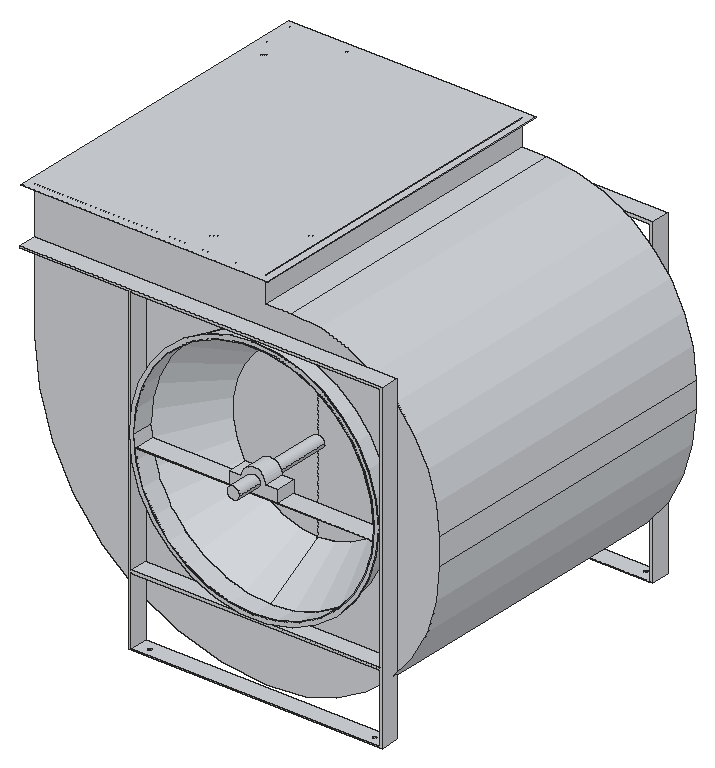
Revit family "CAF_DWDI_CW_UBD", category Mechanical Equipment, Revit 2019
Family settings
  Round Connector Dimension = Use Radius
  Part Type = Normal
  Work Plane-Based = No
  Always vertical = Yes
  Cut with Voids When Loaded = No
  Shared = No
  Room Calculation Point = No
Parameters (values of type "730_CAF-DWDI_CW_UBD_CLASS_2")
  V+(D-(A+.25"))/2 = V + ((D - (A + 1/4")) / 2)  # 6 1/16"
  V = 3 7/16"
  Unit Weight [instance] = ""
  U-N = U - N  # 5/8"
  U = 9 5/8"
  T/2 = T / 2  # 55 13/16"
  T = 111 5/8"
  Sones [instance] = ""
  SCROLL2 = 41 25/32"
  S/2 = S / 2  # 37"
  S = 74"
  R/2 = R / 2  # 41 25/32"
  R = 83 9/16"
  P = 126 3/4"
  N = 9"
  Motor RPM [instance] = ""
  Motor Enclosure [instance] = ""
  ModelID [instance] = ""
  M = 117 1/8"
  LwA [instance] = ""
  L = 58 9/16"
  K/2 = K / 2  # 17/32"
  K = 1 1/16"
  J = 55 7/8"
  INLET/4 = INLET / 4  # 19 3/4"
  INLET/2 = INLET / 2  # 39 1/2"
  INLET = 79"
  H-J = H - J  # 80"
  H-((D-A-.25")/2) = H - ((D - A - 1/4") / 2)  # 133 1/4"
  H = 135 7/8"
  G-(R/2) = G - (R / 2)  # 22 23/32"
  G-(INLET/2)-1.625" = G - (INLET / 2) - 1 1/2"  # 23 1/2"
  G+(INLET/2)+1.625" = G + (INLET / 2) + 1 1/2"  # 105 1/2"
  G = 64 1/2"
  Fan RPM [instance] = ""
  F-((D-A-.25")/2) = F - ((D - A - 1/4") / 2)  # 119 3/16"
  F = 121 13/16"
  E/2 = E / 2  # 55 1/16"
  E = 110 1/8"
  D/2 = D / 2  # 40 21/32"
  D = 81 5/16"
  C/2 = C / 2  # 1 31/32"
  C+C = C + C  # 7 7/8"
  C = 3 15/16"
  BOTTOM = F - G  # 57 5/16"
  B/2 = B / 2  # 52 3/8"
  B+.25" = B + 1/4"  # 105"
  B = 104 3/4"
  Accessories [instance] = ""
  A/2 = A / 2  # 37 29/32"
  A+.25" = A + 1/4"  # 76 1/16"
  A = 75 13/16"
  60 = 60.00°  # constant formula
  3" = 3"  # constant formula
  Brake Hp [instance] = ""
  D/7 = D / 9.5  # 8.55921"
  2' = 24"
  2" = 2"  # constant formula
  1" = 1"  # constant formula
  0 = 0"  # constant formula
  Voltage [instance] = 0 V
  URL = "www.lorencook.com"
  Type Comments = "Centrifugal Airfoil Blower Clockwise Up Blast Arrangement 3 Low Profile Class 2"
  Static Pressure [instance] = 0.00 in-wg
  Power [instance] = Voltage * Motor FLA * sqrt(if(Phase = 3, 3, 1))  # 0 VA
  Phase [instance] = 0
  Number of Poles [instance] = 1
  Motor Hp [instance] = "0"
  Motor FLA [instance] = 0 A
  Model = "CAF-DWDI"  # constant formula
  Manufacturer = "Loren Cook Company"
  CFM [instance] = 0 CFM
  1.5 = 1 1/2"  # constant formula
  ONE EIGTH = 1/8"  # constant formula
  -P = -P  # -126 3/4"
  -(B+.25")/2 = -(B + 1/4") / 2  # -52 1/2"
  (M-(B+.25")/2 = (M - (B + 1/4")) / 2  # 6 1/16"
  (INLET/2)-.125" = (INLET / 2) - 1/8"  # 39 3/8"
  (INLET/2)+1.625" = (INLET / 2) + 1 1/2"  # 41"
  (INLET/2)+1.5" = (INLET / 2) + 1 7/16"  # 40 15/16"
  (D-(A+.25"))/2 = (D - (A + 1/4")) / 2  # 2 5/8"
  (B+.25")/2 = (B + 1/4") / 2  # 52 1/2"
  (A+.25")/2 = (A + 1/4") / 2  # 38 1/32"
  ((M+U+U+N+N)-((B+.25")/2))/2 = ((M + U + U - N - N) - ((B + 1/4"))) / 2  # 6 11/16"
Reference planes (in)
  plane 1 "Center (Front/Back)": y = 0
  plane 2: z = 0
  plane 3 "Center (Left/Right)": x = 0.40541
Forms (in)
  Extrusion 1, solid
    sketch origin (0, 0, 0) x (1, 0, 0) y (0, 0, 1)
      loop
        line (-76.96959, 1) -> (56.28041, 1) -> (56.28041, 113.25329) -> (-0.90709, 113.25329) -> (-0.90709, 121.8125) -> (-76.96959, 121.8125) -> (-76.96959, 1)
    from -52.5 <- "-(B+.25")/2" to 52.5 <- "(B+.25")/2"
  Revolve 2, void
    sketch origin (0.40541, 0, 0) x (0, 1, 0) y (0, 0, 1)
      loop
        line (52.5, 64.5) -> (32.75, 64.5) -> (32.75, 36.40267) -> (52.5, 25) -> (52.5, 64.5)
      loop
        line (-32.75, 64.5) -> (-52.5, 64.5) -> (-52.5, 25) -> (-32.75, 36.40267) -> (-32.75, 64.5)
      axis (52.5, 64.5) -> (-52.5, 64.5)
    angle from 0 to 360
  Extrusion 3, solid
    sketch origin (0, -52.5, 0) x (1, 0, 0) y (0, 0, 1)
      loop
        circle (0.40541, 64.5) r 39.375
      loop
        circle (0.40541, 64.5) r 39.5
    from 0 <- "0" to 6.6875 <- "((M+U+U+N+N)-((B+.25")/2))/2"
  Extrusion 4, solid
    sketch origin (0, 52.5, 0) x (-1, 0, 0) y (0, 0, 1)
      loop
        circle (-0.40541, 64.5) r 39.375
      loop
        circle (-0.40541, 64.5) r 39.5
    from 0 to 6.6875 <- "((M+U+U+N+N)-((B+.25")/2))/2"
  Extrusion 5, solid
    sketch origin (0, 52.5, 0) x (-1, 0, 0) y (0, 0, 1)
      loop
        line (-42.18666, 0) -> (41.37584, 0) -> (41.37584, 105.5) -> (76.96959, 105.5) -> (76.96959, 106.28125) -> (-42.18666, 106.28125) -> (-42.18666, 0)
      loop
        line (40.59459, 105.5) -> (-41.40541, 105.5) -> (-41.40541, 23.5) -> (40.59459, 23.5) -> (40.59459, 105.5)
      loop
        line (-41.40541, 22.71875) -> (-41.40541, 0.125) -> (40.59459, 0.125) -> (40.59459, 22.71875) -> (-41.40541, 22.71875)
    from 0 to 6.0625 <- "(M-(B+.25")/2"
  Extrusion 6, solid
    sketch origin (0, -52.5, 0) x (1, 0, 0) y (0, 0, 1)
      loop
        line (-76.96959, 106.28125) -> (-76.96959, 105.5) -> (-41.37584, 105.5) -> (-41.37584, 0) -> (42.18666, 0) -> (42.18666, 106.28125) -> (-76.96959, 106.28125)
      loop
        line (41.40541, 0.125) -> (41.40541, 22.71875) -> (-40.59459, 22.71875) -> (-40.59459, 0.125) -> (41.40541, 0.125)
      loop
        line (-40.59459, 23.5) -> (41.40541, 23.5) -> (41.40541, 105.5) -> (-40.59459, 105.5) -> (-40.59459, 23.5)
    from 0 to 6.0625 <- "(M-(B+.25")/2"
  Extrusion 7, solid
    sketch origin (0, -52.5, 0) x (1, 0, 0) y (0, 0, 1)
      loop
        arc (-38.77222, 60.5625) -> (-38.76589, 60.49999) -> (-38.75945, 60.4375) r 39.375
        line (-38.75945, 60.4375) -> (39.57028, 60.4375)
        arc (39.57028, 60.4375) -> (39.57671, 60.49999) -> (39.58304, 60.5625) r 39.375
        line (39.58304, 60.5625) -> (-38.77222, 60.5625)
    from 0 to 6.6875 <- "((M+U+U+N+N)-((B+.25")/2))/2"
  Extrusion 8, solid
    sketch origin (0, 52.5, 0) x (-1, 0, 0) y (0, 0, 1)
      loop
        arc (-39.58304, 60.5625) -> (-39.57671, 60.49999) -> (-39.57028, 60.4375) r 39.375
        line (-39.57028, 60.4375) -> (38.75945, 60.4375)
        arc (38.75945, 60.4375) -> (38.76589, 60.49999) -> (38.77222, 60.5625) r 39.375
        line (38.77222, 60.5625) -> (-39.58304, 60.5625)
    from 0 to 6.6875 <- "((M+U+U+N+N)-((B+.25")/2))/2"
  Extrusion 9, solid
    sketch origin (0, -52.5, 0) x (1, 0, 0) y (0, 0, 1)
      loop
        arc (4.34291, 64.5) -> (0.40541, 68.4375) -> (-3.53209, 64.5) r 3.9375
        line (-3.53209, 64.5) -> (-7.46959, 64.5) -> (-7.46959, 60.5625) -> (8.28041, 60.5625) -> (8.28041, 64.5) -> (4.34291, 64.5)
    from 0 to 6.6875 <- "((M+U+U+N+N)-((B+.25")/2))/2"
  Extrusion 10, solid
    sketch origin (0, 52.5, 0) x (-1, 0, 0) y (0, 0, 1)
      loop
        arc (3.53209, 64.5) -> (-0.40541, 68.4375) -> (-4.34291, 64.5) r 3.9375
        line (-4.34291, 64.5) -> (-8.28041, 64.5) -> (-8.28041, 60.5625) -> (7.46959, 60.5625) -> (7.46959, 64.5) -> (3.53209, 64.5)
    from 0 to 6.6875 <- "((M+U+U+N+N)-((B+.25")/2))/2"
  Extrusion 11, solid
    sketch origin (0, 59.1875, 0) x (-1, 0, 0) y (0, 0, 1)
      loop
        circle (-0.40541, 64.5) r 1.96875
    from 0 to -126.75 <- "-P"
  Extrusion 12, solid
    sketch origin (0, 59.1875, 0) x (-1, 0, 0) y (0, 0, 1)
      loop
        circle (-0.40541, 64.5) r 39.5
      loop
        circle (-0.40541, 64.5) r 40.9375
    from 0 to -0.125
  Extrusion 13, solid
    sketch origin (0, -59.1875, 0) x (1, 0, 0) y (0, 0, 1)
      loop
        circle (0.40541, 64.5) r 39.5
      loop
        circle (0.40541, 64.5) r 40.9375
    from 0 to -0.125
  Extrusion 14, void
    sketch origin (0, 0, 0) x (1, 0, 0) y (0, 1, 0)
      loop
        circle (37.40541, 55.8125) r 0.53125
      loop
        circle (-36.59459, 55.8125) r 0.53125
      loop
        circle (-36.59459, -55.8125) r 0.53125
      loop
        circle (37.40541, -55.8125) r 0.53125
    from 0 to 0.125
  Extrusion 15, void
    sketch origin (0, 0, 0) x (1, 0, 0) y (0, 0, 1)
      loop
        line (-76.96959, 64.5) -> (-79.96959, 64.5) -> (-79.96959, 0) -> (59.28041, 0) -> (59.28041, 116.25329) -> (-0.90709, 116.25329) -> (-0.90709, 113.25329) -> (7.52712, 113.25329)
        arc (7.52712, 113.25329) -> (42.0009, 98.97378) -> (56.28041, 64.5) r 48.75329
        line (56.28041, 64.5) -> (56.28041, 55.875)
        arc (56.28041, 55.875) -> (40.2079, 17.07252) -> (1.40541, 1) r 54.875
        line (1.40541, 1) -> (-0.59459, 1)
        arc (-0.59459, 1) -> (-54.59987, 23.36972) -> (-76.96959, 77.375) r 76.375
        line (-76.96959, 77.375) -> (-76.96959, 64.5)
    from 52.5 <- "(B+.25")/2" to -52.5 <- "-(B+.25")/2"
  Extrusion 16, solid
    sketch origin (-0.90709, 0, 121.8125) x (-1, 0, 0) y (0, -1, 0)
      loop
        line (78.6875, -55.0625) -> (78.6875, 55.0625) -> (-2.625, 55.0625) -> (-2.625, -55.0625) -> (78.6875, -55.0625)
    from 0 to -0.125
Cuts and joins
  Revolve 2, Extrusion 15 cuts Extrusion 1
  Extrusion 14, Extrusion 15 cuts Extrusion 5
  Extrusion 14, Extrusion 15 cuts Extrusion 6
  Extrusion 15 cuts Extrusion 3
  Extrusion 15 cuts Extrusion 4
  Extrusion 15 cuts Extrusion 7
  Extrusion 15 cuts Extrusion 8
  Extrusion 15 cuts Extrusion 9
  Extrusion 15 cuts Extrusion 10
  Extrusion 15 cuts Extrusion 11
Dimensions and locks (in)
  "F": Extrusion 1 sketch curve to level
  "0": Revolve 2 sketch curve to cut or joined group of Extrusion 1, Revolve 2, Extrusion 15  (x2)
  "INLET/4": cut or joined group of Extrusion 1, Revolve 2, Extrusion 15 to Revolve 2 sketch curve
  "G": level to Revolve 2 sketch curve  (x2)
  "INLET/2": Revolve 2 sketch curve to Revolve 2 sketch curve  (x2)
  "G": Revolve 2 sketch curve to level
  "INLET/4": Revolve 2 sketch curve to Revolve 2 sketch curve
  "0": Extrusion 3 sketch curve to plane 3 "Center (Left/Right)"  (x2)
  "G": Extrusion 3 sketch curve to level  (x2)
  "G": level to Extrusion 4 sketch curve  (x2)
  "0": Extrusion 4 sketch curve to plane 3 "Center (Left/Right)"  (x2)
  "R/2": Extrusion 5 sketch curve to plane 3 "Center (Left/Right)"
  "R/2": plane 3 "Center (Left/Right)" to Extrusion 5 sketch curve
  "R": Extrusion 5 sketch curve to Extrusion 5 sketch curve
  "G-(R/2)": level to Extrusion 5 sketch curve
  "ONE EIGTH": Extrusion 5 sketch curve to Extrusion 5 sketch curve
  "0": Extrusion 6 sketch curve to Extrusion 5  (x3)
  "0": Extrusion 5 to Extrusion 6 sketch curve  (x3)
  "0": Extrusion 7 sketch curve to plane 3 "Center (Left/Right)"  (x2)
  "G": Extrusion 7 sketch curve to level  (x2)
  "C": Extrusion 7 sketch curve to Extrusion 7 sketch curve
  "ONE EIGTH": Extrusion 7 sketch curve to Extrusion 7 sketch curve
  "0": Extrusion 8 sketch curve to plane 3 "Center (Left/Right)"  (x2)
  "G": level to Extrusion 8 sketch curve  (x2)
  "C": Extrusion 8 sketch curve to Extrusion 8 sketch curve
  "ONE EIGTH": Extrusion 8 sketch curve to Extrusion 8 sketch curve
  "0": Extrusion 9 sketch curve to Extrusion 7
  "G": Extrusion 9 sketch curve to level
  "0": Extrusion 9 sketch curve to Extrusion 9 sketch curve  (x2)
  "C+C": Extrusion 9 sketch curve to plane 3 "Center (Left/Right)"  (x2)
  "0": Extrusion 8 to Extrusion 10 sketch curve
  "0": Extrusion 10 sketch curve to Extrusion 10 sketch curve  (x2)
  "0": Extrusion 10 sketch curve to plane 3 "Center (Left/Right)"
  "G": level to Extrusion 10 sketch curve
  "C+C": Extrusion 10 sketch curve to plane 3 "Center (Left/Right)"
  "C+C": plane 3 "Center (Left/Right)" to Extrusion 10 sketch curve
  "0": Extrusion 11 sketch curve to plane 3 "Center (Left/Right)"
  "G": level to Extrusion 11 sketch curve
  "0": level to Extrusion 5 sketch curve
  "0": plane 3 "Center (Left/Right)" to Extrusion 9 sketch curve
  "(INLET/2)+1.625"": plane 3 "Center (Left/Right)" to Extrusion 6 sketch curve  (x2)
  "(INLET/2)+1.625"": Extrusion 6 sketch curve to plane 3 "Center (Left/Right)"  (x2)
  "G+(INLET/2)+1.625"": Extrusion 6 sketch curve to level  (x2)
  "G-(INLET/2)-1.625"": Extrusion 6 sketch curve to level
  "(INLET/2)+1.625"": Extrusion 5 sketch curve to plane 3 "Center (Left/Right)"  (x2)
  "(INLET/2)+1.625"": plane 3 "Center (Left/Right)" to Extrusion 5 sketch curve  (x2)
  "G-(INLET/2)-1.625"": level to Extrusion 5 sketch curve
  "G+(INLET/2)+1.625"": level to Extrusion 5 sketch curve  (x2)
  "0": Extrusion 12 sketch curve to plane 3 "Center (Left/Right)"  (x2)
  "G": level to Extrusion 12 sketch curve  (x2)
  "0": Extrusion 13 sketch curve to plane 3 "Center (Left/Right)"  (x2)
  "G": Extrusion 13 sketch curve to level  (x2)
  "1"": Extrusion 1 sketch curve to level
  "T/2": plane 1 "Center (Front/Back)" to Extrusion 14 sketch curve  (x4)
  "S/2": plane 3 "Center (Left/Right)" to Extrusion 14 sketch curve  (x4)
  "H-((D-A-.25")/2)": Extrusion 1 sketch curve to Extrusion 1 sketch curve
  "J": Extrusion 1 sketch curve to plane 3 "Center (Left/Right)"
  "A+.25"": Extrusion 1 sketch curve to Extrusion 1 sketch curve
  "D/7": Extrusion 1 sketch curve to Extrusion 1 sketch curve
  "3"": Extrusion 15 sketch curve to cut or joined group of Extrusion 1, Revolve 2, Extrusion 15  (x3)
  "0": Extrusion 15 sketch curve to level
  "BOTTOM": cut or joined group of Extrusion 1, Revolve 2, Extrusion 15 to Extrusion 15 sketch curve
  "0": cut or joined group of Extrusion 1, Revolve 2, Extrusion 15 to Extrusion 15 sketch curve  (x2)
  "0": Extrusion 15 sketch curve to cut or joined group of Extrusion 1, Revolve 2, Extrusion 15  (x4)
  "0": cut or joined group of Extrusion 1, Revolve 2, Extrusion 15 to Extrusion 5 sketch curve
  "0": Extrusion 6 sketch curve to cut or joined group of Extrusion 1, Revolve 2, Extrusion 15
  "E/2": plane 1 "Center (Front/Back)" to Extrusion 16 sketch curve  (x2)
  "D": Extrusion 16 sketch curve to Extrusion 16 sketch curve
  "1"": Extrusion 15 sketch curve to plane 3 "Center (Left/Right)"
  "1"": plane 3 "Center (Left/Right)" to Extrusion 15 sketch curve
  "BOTTOM": Extrusion 16 to Extrusion 15 sketch curve
  "(D-(A+.25"))/2": Extrusion 16 sketch curve to cut or joined group of Extrusion 1, Revolve 2, Extrusion 15
  "INLET/2": radius of Extrusion 3 sketch curve
  "(INLET/2)-.125"": radius of Extrusion 3 sketch curve
  "INLET/2": radius of Extrusion 4 sketch curve
  "(INLET/2)-.125"": radius of Extrusion 4 sketch curve
  "(INLET/2)-.125"": radius of Extrusion 7 sketch curve  (x2)
  "(INLET/2)-.125"": radius of Extrusion 8 sketch curve  (x2)
  "C": radius of Extrusion 9 sketch curve
  "C": radius of Extrusion 10 sketch curve
  "C/2": radius of Extrusion 11 sketch curve
  "(INLET/2)+1.5"": radius of Extrusion 12 sketch curve
  "INLET/2": radius of Extrusion 12 sketch curve
  "(INLET/2)+1.5"": radius of Extrusion 13 sketch curve
  "INLET/2": radius of Extrusion 13 sketch curve
  "K/2": radius of Extrusion 14 sketch curve  (x4)
  "60": angle Revolve 2 sketch curve to cut or joined group of Extrusion 1, Revolve 2, Extrusion 15
  "60": angle cut or joined group of Extrusion 1, Revolve 2, Extrusion 15 to Revolve 2 sketch curve
Automatic sketch dimensions
  Revolve 2 sketch curve to Revolve 2 sketch curve = 0"  (x2)
Connectors (in)
  hvac at (0.40541, -59.0625, 64.5), driven by "INLET/2"
    settings: on Extrusion 13, index 2, duct flow 0 CFM, flow factor 0, pres drop 0.00 in-wg, loss coef 0, conn angle 0.00°, conn width 12", conn height 12", conn diameter 79", duct sys type 29, conn prof type 0, flow config 0, flow direction 1, loss method 0, conn ref index -1, conn util no, is conn primary no, conn desc ""
  hvac at (0.40541, 59.1875, 64.5), driven by "INLET/2"
    settings: on Extrusion 4, index 3, duct flow 0 CFM, flow factor 0, pres drop 0.00 in-wg, loss coef 0, conn angle 0.00°, conn width 12", conn height 12", conn diameter 79", duct sys type 29, conn prof type 0, flow config 0, flow direction 1, loss method 0, conn ref index -1, conn util no, is conn primary no, conn desc ""
  hvac at (-38.93834, 0, 121.6875), driven by "B", driven by "A", driven by "CFM"
    settings: on Extrusion 16, index 4, duct flow 0 CFM, flow factor 0, pres drop 0.00 in-wg, loss coef 0, conn angle 0.00°, conn width 75 13/16", conn height 104 3/4", conn diameter 24", duct sys type 29, conn prof type 1, flow config 0, flow direction 2, loss method 0, conn ref index -1, conn util no, is conn primary yes, conn desc ""
Types (59): name | V+(D-(A+.25"))/2 | V | U-N | U | T/2 | T | SCROLL2 | S/2 | S | R/2 | R | P | N | M | L | K/2 | K | J | INLET/4 | INLET/2 | INLET | H-J | H-((D-A-.25")/2) | H | G-(R/2) | G-(INLET/2)-1.625" | G+(INLET/2)+1.625" | G | F-((D-A-.25")/2) | F | E/2 | E | D/2 | D | C/2 | C+C | C | BOTTOM | B/2 | B+.25" | B | A/2 | A+.25" | A | D/7 | Type Comments | -P | -(B+.25")/2 | (M-(B+.25")/2 | (INLET/2)-.125" | (INLET/2)+1.625" | (INLET/2)+1.5" | (D-(A+.25"))/2 | (B+.25")/2 | (A+.25")/2 | ((M+U+U+N+N)-((B+.25")/2))/2
  (no name) | 6 1/16" | 3 7/16" | 5/8" | 9 5/8" | 55 13/16" | 111 5/8" | 41 25/32" | 37" | 74" | 41 25/32" | 83 9/16" | 126 3/4" | 9" | 117 1/8" | 58 9/16" | 17/32" | 1 1/16" | 55 7/8" | 19 3/4" | 39 1/2" | 79" | 80" | 133 1/4" | 135 7/8" | 22 23/32" | 23 1/2" | 105 1/2" | 64 1/2" | 119 3/16" | 121 13/16" | 55 1/16" | 110 1/8" | 40 21/32" | 81 5/16" | 1 31/32" | 7 7/8" | 3 15/16" | 57 5/16" | 52 3/8" | 105" | 104 3/4" | 37 29/32" | 76 1/16" | 75 13/16" | 8.55921" | "Centrifugal Airfoil Blower Clockwise Up Blast Arrangement 3 Low Profile Class 2" | -126 3/4" | -52 1/2" | 6 1/16" | 39 3/8" | 41" | 40 15/16" | 2 5/8" | 52 1/2" | 38 1/32" | 6 11/16"
  120_CAF-DWDI_CW_UBD_CLASS_1 | 1 15/16" | 1" | 1 9/16" | 4 5/16" | 9 23/32" | 19 7/16" | 9" | 7 7/16" | 14 7/8" | 9 5/8" | 19 1/4" | 26 11/16" | 2 3/4" | 20 13/16" | 10 7/16" | 9/32" | 9/16" | 9 1/4" | 4 1/32" | 8 1/16" | 16 1/8" | 13 13/16" | 22 1/8" | 23 1/16" | 1 13/16" | 1 7/8" | 21" | 11 7/16" | 20 1/8" | 21 1/16" | 9 29/32" | 19 13/16" | 7 1/8" | 14 1/4" | 23/32" | 2 7/8" | 1 7/16" | 9 5/8" | 8 27/32" | 17 15/16" | 17 11/16" | 6 1/16" | 12 3/8" | 12 1/8" | 1 1/2" | "Centrifugal Airfoil Blower Clockwise Up Blast Arrangement 3 Low Profile Class 1" | -26 11/16" | -8 31/32" | 1 7/16" | 7 15/16" | 9 9/16" | 9 1/2" | 15/16" | 8 31/32" | 6 3/16" | 3"
  135_CAF-DWDI_CW_UBD_CLASS_1 | 1 15/16" | 1" | 1 9/16" | 4 5/16" | 10 7/8" | 21 3/4" | 10 1/2" | 8 5/16" | 16 5/8" | 10 1/2" | 21" | 28 15/16" | 2 3/4" | 23 1/16" | 11 9/16" | 9/32" | 9/16" | 10 3/8" | 4 13/32" | 8 13/16" | 17 5/8" | 15 3/8" | 24 13/16" | 25 3/4" | 2 1/4" | 2 7/16" | 23 1/16" | 12 3/4" | 22 5/8" | 23 9/16" | 11 1/32" | 22 1/16" | 7 7/8" | 15 3/4" | 23/32" | 2 7/8" | 1 7/16" | 10 13/16" | 9 31/32" | 20 3/16" | 19 15/16" | 6 13/16" | 13 7/8" | 13 5/8" | 1.65789" | "Centrifugal Airfoil Blower Clockwise Up Blast Arrangement 3 Low Profile Class 1" | -28 15/16" | -10 3/32" | 1 7/16" | 8 11/16" | 10 5/16" | 10 1/4" | 15/16" | 10 3/32" | 6 15/16" | 3"
  150_CAF-DWDI_CW_UBD_CLASS_1 | 1 15/16" | 1" | 1 1/16" | 4 7/16" | 12 3/16" | 24 3/8" | 11 1/4" | 8 7/8" | 17 3/4" | 11 1/4" | 22 1/2" | 31 5/8" | 3 3/8" | 26 1/8" | 13 1/16" | 9/32" | 9/16" | 11 1/2" | 4 25/32" | 9 9/16" | 19 1/8" | 16 15/16" | 27 1/2" | 28 7/16" | 2 13/16" | 3" | 25 1/8" | 14 1/16" | 25 1/8" | 26 1/16" | 12 1/16" | 24 1/8" | 8 11/16" | 17 3/8" | 23/32" | 2 7/8" | 1 7/16" | 12" | 11" | 22 1/4" | 22" | 7 5/8" | 15 1/2" | 15 1/4" | 1.82895" | "Centrifugal Airfoil Blower Clockwise Up Blast Arrangement 3 Low Profile Class 1" | -31 5/8" | -11 1/8" | 1 15/16" | 9 7/16" | 11 1/16" | 11" | 15/16" | 11 1/8" | 7 3/4" | 3"
  165_CAF-DWDI_CW_UBD_CLASS_1 | 1 15/16" | 1" | 1 1/16" | 4 7/16" | 13 3/16" | 26 3/8" | 12 1/8" | 9 3/4" | 19 1/2" | 12 1/8" | 24 1/4" | 33 11/16" | 3 3/8" | 28 1/8" | 14 1/16" | 15/32" | 15/16" | 12 11/16" | 5 19/64" | 10 19/32" | 21 3/16" | 18 1/2" | 30 1/4" | 31 3/16" | 3 1/4" | 3 9/32" | 27 15/32" | 15 3/8" | 27 9/16" | 28 1/2" | 13 1/16" | 26 1/8" | 9 17/32" | 19 1/16" | 27/32" | 3 3/8" | 1 11/16" | 13 1/8" | 12" | 24 1/4" | 24" | 8 15/32" | 17 3/16" | 16 15/16" | 2.00658" | "Centrifugal Airfoil Blower Clockwise Up Blast Arrangement 3 Low Profile Class 1" | -33 11/16" | -12 1/8" | 1 15/16" | 10 15/32" | 12 3/32" | 12 1/32" | 15/16" | 12 1/8" | 8 19/32" | 3"
  180_CAF-DWDI_CW_UBD_CLASS_1 | 1 15/16" | 1" | 1 1/16" | 4 13/16" | 14 7/32" | 28 7/16" | 13 3/8" | 10 1/2" | 21" | 13 3/8" | 26 3/4" | 36 1/8" | 3 3/4" | 30 3/16" | 15 1/8" | 15/32" | 15/16" | 13 13/16" | 5 43/64" | 11 11/32" | 22 11/16" | 20 3/16" | 33 1/16" | 34" | 3 5/16" | 3 27/32" | 29 17/32" | 16 11/16" | 30 1/16" | 31" | 14 3/32" | 28 3/16" | 10 5/16" | 20 5/8" | 27/32" | 3 3/8" | 1 11/16" | 14 5/16" | 13 1/32" | 26 5/16" | 26 1/16" | 9 1/4" | 18 3/4" | 18 1/2" | 2.17105" | "Centrifugal Airfoil Blower Clockwise Up Blast Arrangement 3 Low Profile Class 1" | -36 1/8" | -13 5/32" | 1 15/16" | 11 7/32" | 12 27/32" | 12 25/32" | 15/16" | 13 5/32" | 9 3/8" | 3"
  195_CAF-DWDI_CW_UBD_CLASS_1 | 1 31/32" | 1" | 1 1/16" | 4 13/16" | 15 13/32" | 30 13/16" | 14 1/4" | 11 3/8" | 22 3/4" | 14 1/4" | 28 1/2" | 38 1/2" | 3 3/4" | 32 9/16" | 16 5/16" | 15/32" | 15/16" | 14 15/16" | 6 3/64" | 12 3/32" | 24 3/16" | 21 3/4" | 35 23/32" | 36 11/16" | 3 11/16" | 4 11/32" | 31 17/32" | 17 15/16" | 32 15/32" | 33 7/16" | 15 5/16" | 30 5/8" | 10 27/32" | 21 11/16" | 27/32" | 3 3/8" | 1 11/16" | 15 1/2" | 14 7/32" | 28 11/16" | 28 7/16" | 9 3/4" | 19 3/4" | 19 1/2" | 2.28289" | "Centrifugal Airfoil Blower Clockwise Up Blast Arrangement 3 Low Profile Class 1" | -38 1/2" | -14 11/32" | 1 15/16" | 11 31/32" | 13 19/32" | 13 17/32" | 31/32" | 14 11/32" | 9 7/8" | 3"
  210_CAF-DWDI_CW_UBD_CLASS_1 | 1 31/32" | 1" | 2 1/16" | 5 13/16" | 16 3/8" | 32 3/4" | 15" | 12 1/8" | 24 1/4" | 15" | 30" | 41 7/16" | 3 3/4" | 34 1/2" | 17 1/4" | 15/32" | 15/16" | 16 1/8" | 6 31/64" | 12 31/32" | 25 15/16" | 23 5/16" | 38 15/32" | 39 7/16" | 4 1/4" | 4 25/32" | 33 23/32" | 19 1/4" | 34 31/32" | 35 15/16" | 16 9/32" | 32 9/16" | 11 29/32" | 23 13/16" | 27/32" | 3 3/8" | 1 11/16" | 16 11/16" | 15 3/16" | 30 5/8" | 30 3/8" | 10 13/16" | 21 7/8" | 21 5/8" | 2.50658" | "Centrifugal Airfoil Blower Clockwise Up Blast Arrangement 3 Low Profile Class 1" | -41 7/16" | -15 5/16" | 1 15/16" | 12 27/32" | 14 15/32" | 14 13/32" | 31/32" | 15 5/16" | 10 15/16" | 4"
  225_CAF-DWDI_CW_UBD_CLASS_1 | 2 15/32" | 1" | 2 1/16" | 6 5/16" | 17 7/16" | 34 7/8" | 15 7/8" | 13" | 26" | 15 7/8" | 31 3/4" | 44 1/16" | 4 1/4" | 36 5/8" | 18 5/16" | 15/32" | 15/16" | 17 1/4" | 6 55/64" | 13 23/32" | 27 7/16" | 25 7/16" | 41 7/32" | 42 11/16" | 4 11/16" | 5 11/32" | 35 25/32" | 20 9/16" | 36 29/32" | 38 3/8" | 17 27/32" | 35 11/16" | 13 3/16" | 26 3/8" | 31/32" | 3 7/8" | 1 15/16" | 17 13/16" | 16 1/4" | 32 3/4" | 32 1/2" | 11 19/32" | 23 7/16" | 23 3/16" | 2.77632" | "Centrifugal Airfoil Blower Clockwise Up Blast Arrangement 3 Low Profile Class 1" | -44 1/16" | -16 3/8" | 1 15/16" | 13 19/32" | 15 7/32" | 15 5/32" | 1 15/32" | 16 3/8" | 11 23/32" | 4"
  245_CAF-DWDI_CW_UBD_CLASS_1 | 2 15/32" | 1" | 2 1/16" | 6 5/16" | 18 23/32" | 37 7/16" | 16 7/8" | 14" | 28" | 16 7/8" | 33 3/4" | 46 5/8" | 4 1/4" | 39 3/16" | 19 5/8" | 15/32" | 15/16" | 18 3/4" | 7 23/64" | 14 23/32" | 29 7/16" | 27 9/16" | 44 27/32" | 46 5/16" | 5 7/16" | 6 3/32" | 38 17/32" | 22 5/16" | 40 7/32" | 41 11/16" | 19 1/8" | 38 1/4" | 14 11/32" | 28 11/16" | 31/32" | 3 7/8" | 1 15/16" | 19 3/8" | 17 17/32" | 35 5/16" | 35 1/16" | 12 3/4" | 25 3/4" | 25 1/2" | 3.01974" | "Centrifugal Airfoil Blower Clockwise Up Blast Arrangement 3 Low Profile Class 1" | -46 5/8" | -17 21/32" | 1 15/16" | 14 19/32" | 16 7/32" | 16 5/32" | 1 15/32" | 17 21/32" | 12 7/8" | 4"
  270_CAF-DWDI_CW_UBD_CLASS_1 | 2 15/32" | 1" | 2 1/16" | 6 5/16" | 21 5/32" | 42 5/16" | 18 3/4" | 15 1/8" | 30 1/4" | 18 3/4" | 37 1/2" | 51 1/2" | 4 1/4" | 44 9/16" | 22 5/16" | 15/32" | 15/16" | 20 11/16" | 7 63/64" | 15 31/32" | 31 15/16" | 30 3/16" | 49 13/32" | 50 7/8" | 5 3/4" | 7 1/32" | 41 31/32" | 24 1/2" | 44 11/32" | 45 13/16" | 21 5/16" | 42 5/8" | 15 11/32" | 30 11/16" | 1 3/32" | 4 3/8" | 2 3/16" | 21 5/16" | 19 23/32" | 39 11/16" | 39 7/16" | 13 3/4" | 27 3/4" | 27 1/2" | 3.23026" | "Centrifugal Airfoil Blower Clockwise Up Blast Arrangement 3 Low Profile Class 1" | -51 1/2" | -19 27/32" | 2 7/16" | 15 27/32" | 17 15/32" | 17 13/32" | 1 15/32" | 19 27/32" | 13 7/8" | 4 1/2"
  300_CAF-DWDI_CW_UBD_CLASS_1 | 2 15/32" | 1" | 2 1/8" | 6 3/8" | 22 15/16" | 45 7/8" | 20 1/4" | 16 5/8" | 33 1/4" | 20 1/4" | 40 1/2" | 55 1/8" | 4 1/4" | 48 1/8" | 24 1/16" | 15/32" | 15/16" | 22 15/16" | 8 47/64" | 17 15/32" | 34 15/16" | 33 3/8" | 54 27/32" | 56 5/16" | 6 13/16" | 8 3/32" | 46 1/32" | 27 1/16" | 49 9/32" | 50 3/4" | 23 3/32" | 46 3/16" | 17 3/16" | 34 3/8" | 1 3/32" | 4 3/8" | 2 3/16" | 23 11/16" | 21 1/2" | 43 1/4" | 43" | 15 19/32" | 31 7/16" | 31 3/16" | 3.61842" | "Centrifugal Airfoil Blower Clockwise Up Blast Arrangement 3 Low Profile Class 1" | -55 1/8" | -21 5/8" | 2 7/16" | 17 11/32" | 18 31/32" | 18 29/32" | 1 15/32" | 21 5/8" | 15 23/32" | 4 9/16"
  330_CAF-DWDI_CW_UBD_CLASS_1 | 3" | 1" | 1 5/8" | 6" | 25 9/32" | 50 9/16" | 20 25/32" | 18 1/16" | 36 1/8" | 20 25/32" | 41 9/16" | 59 5/16" | 4 3/8" | 53 3/16" | 26 5/8" | 15/32" | 15/16" | 25 1/4" | 9 31/64" | 18 31/32" | 37 15/16" | 37 1/16" | 60 5/16" | 62 5/16" | 8 29/32" | 9 7/32" | 50 5/32" | 29 11/16" | 53 11/16" | 55 11/16" | 25 21/32" | 51 5/16" | 19 3/8" | 38 3/4" | 1 7/32" | 4 7/8" | 2 7/16" | 26" | 23 17/32" | 47 5/16" | 47 1/16" | 17 1/4" | 34 3/4" | 34 1/2" | 4.07895" | "Centrifugal Airfoil Blower Clockwise Up Blast Arrangement 3 Low Profile Class 1" | -59 5/16" | -23 21/32" | 2 15/16" | 18 27/32" | 20 15/32" | 20 13/32" | 2" | 23 21/32" | 17 3/8" | 4 9/16"
  365_CAF-DWDI_CW_UBD_CLASS_1 | 3" | 1" | 2 1/8" | 6 7/8" | 27 27/32" | 55 11/16" | 22 21/32" | 19 15/16" | 39 7/8" | 22 21/32" | 45 5/16" | 65 5/16" | 4 3/4" | 58 5/16" | 29 3/16" | 15/32" | 15/16" | 27 15/16" | 10 23/64" | 20 23/32" | 41 7/16" | 40 3/4" | 66 11/16" | 68 11/16" | 10 3/32" | 10 17/32" | 54 31/32" | 32 3/4" | 59 1/2" | 61 1/2" | 28 7/32" | 56 7/16" | 21 15/32" | 42 15/16" | 1 11/32" | 5 3/8" | 2 11/16" | 28 3/4" | 26 3/32" | 52 7/16" | 52 3/16" | 19 11/32" | 38 15/16" | 38 11/16" | 4.51974" | "Centrifugal Airfoil Blower Clockwise Up Blast Arrangement 3 Low Profile Class 1" | -65 5/16" | -26 7/32" | 2 15/16" | 20 19/32" | 22 7/32" | 22 5/32" | 2" | 26 7/32" | 19 15/32" | 5 1/16"
  402_CAF-DWDI_CW_UBD_CLASS_1 | 3 31/32" | 1 15/16" | 1 1/8" | 6" | 31 7/32" | 62 7/16" | 24 27/32" | 21 1/2" | 43" | 24 27/32" | 49 11/16" | 71 15/16" | 4 7/8" | 65 15/16" | 33" | 15/32" | 15/16" | 30 3/4" | 11 19/64" | 22 19/32" | 45 3/16" | 44 11/16" | 73 13/32" | 75 7/16" | 11 3/32" | 11 27/32" | 60 1/32" | 35 15/16" | 65 19/32" | 67 5/8" | 31" | 62" | 23 1/32" | 46 1/16" | 1 15/32" | 5 7/8" | 2 15/16" | 31 11/16" | 28 29/32" | 58 1/16" | 57 13/16" | 20 7/8" | 42" | 41 3/4" | 4.84868" | "Centrifugal Airfoil Blower Clockwise Up Blast Arrangement 3 Low Profile Class 1" | -71 15/16" | -29 1/32" | 3 15/16" | 22 15/32" | 24 3/32" | 24 1/32" | 2 1/32" | 29 1/32" | 21" | 5 1/16"
  445_CAF-DWDI_CW_UBD_CLASS_1 | 4" | 1 15/16" | 1 1/8" | 6 7/8" | 34 15/32" | 68 15/16" | 26 31/32" | 23 5/8" | 47 1/4" | 26 31/32" | 53 15/16" | 79 5/16" | 5 3/4" | 72 7/16" | 36 1/4" | 17/32" | 1 1/16" | 34 1/16" | 12 23/64" | 24 23/32" | 49 7/16" | 49 1/4" | 81 1/4" | 83 5/16" | 12 23/32" | 13 15/32" | 65 29/32" | 39 11/16" | 72 5/8" | 74 11/16" | 34 9/32" | 68 9/16" | 25 5/32" | 50 5/16" | 1 15/32" | 5 7/8" | 2 15/16" | 35" | 32 1/8" | 64 1/2" | 64 1/4" | 22 31/32" | 46 3/16" | 45 15/16" | 5.29605" | "Centrifugal Airfoil Blower Clockwise Up Blast Arrangement 3 Low Profile Class 1" | -79 5/16" | -32 1/4" | 3 31/32" | 24 19/32" | 26 7/32" | 26 5/32" | 2 1/16" | 32 1/4" | 23 3/32" | 5 3/32"
  490_CAF-DWDI_CW_UBD_CLASS_1 | 4" | 1 15/16" | 1 1/8" | 7" | 37 13/32" | 74 13/16" | 29 11/32" | 26" | 52" | 29 11/32" | 58 11/16" | 85 5/16" | 5 7/8" | 78 5/16" | 39 3/16" | 17/32" | 1 1/16" | 37 1/2" | 13 3/4" | 27 1/2" | 55" | 54" | 89 7/16" | 91 1/2" | 14 7/32" | 14 9/16" | 72 9/16" | 43 9/16" | 80 1/16" | 82 1/8" | 37 7/32" | 74 7/16" | 27 11/16" | 55 3/8" | 1 23/32" | 6 7/8" | 3 7/16" | 38 9/16" | 35 1/16" | 70 3/8" | 70 1/8" | 25 1/2" | 51 1/4" | 51" | 5.82895" | "Centrifugal Airfoil Blower Clockwise Up Blast Arrangement 3 Low Profile Class 1" | -85 5/16" | -35 3/16" | 3 31/32" | 27 3/8" | 29" | 28 15/16" | 2 1/16" | 35 3/16" | 25 5/8" | 5 3/32"
  540_CAF-DWDI_CW_UBD_CLASS_1 | 4" | 1 15/16" | 1 1/8" | 7 3/8" | 41 5/16" | 82 5/8" | 31 27/32" | 28 1/2" | 57" | 31 27/32" | 63 11/16" | 93 1/2" | 6 1/4" | 86 1/8" | 43 1/16" | 17/32" | 1 1/16" | 41 5/16" | 15" | 30" | 60" | 59 5/16" | 98 9/16" | 100 5/8" | 16 3/32" | 16 7/16" | 79 7/16" | 47 15/16" | 88 5/16" | 90 3/8" | 41 3/32" | 82 3/16" | 30 1/16" | 60 1/8" | 1 15/32" | 5 7/8" | 2 15/16" | 42 7/16" | 38 31/32" | 78 3/16" | 77 15/16" | 27 7/8" | 56" | 55 3/4" | 6.32895" | "Centrifugal Airfoil Blower Clockwise Up Blast Arrangement 3 Low Profile Class 1" | -93 1/2" | -39 3/32" | 3 31/32" | 29 7/8" | 31 1/2" | 31 7/16" | 2 1/16" | 39 3/32" | 28" | 5 3/32"
  600_CAF-DWDI_CW_UBD_CLASS_1 | 5" | 2 15/16" | 1/8" | 6 3/8" | 46" | 92" | 35" | 31" | 62" | 35" | 70" | 102 7/8" | 6 1/4" | 96 1/2" | 48 1/4" | 17/32" | 1 1/16" | 45 15/16" | 16 1/2" | 33" | 66" | 65 11/16" | 109 9/16" | 111 5/8" | 18 3/16" | 18 11/16" | 87 11/16" | 53 3/16" | 98 1/4" | 100 5/16" | 45 9/32" | 90 9/16" | 33 9/32" | 66 9/16" | 1 15/32" | 5 7/8" | 2 15/16" | 47 1/8" | 43 1/8" | 86 1/2" | 86 1/4" | 31 3/32" | 62 7/16" | 62 3/16" | 7.00658" | "Centrifugal Airfoil Blower Clockwise Up Blast Arrangement 3 Low Profile Class 1" | -102 7/8" | -43 1/4" | 5" | 32 7/8" | 34 1/2" | 34 7/16" | 2 1/16" | 43 1/4" | 31 7/32" | 5 1/8"
  660_CAF-DWDI_CW_UBD_CLASS_1 | 6" | 3 15/16" | 5/8" | 10" | 50 13/16" | 101 5/8" | 38 9/32" | 33 1/2" | 67" | 38 9/32" | 76 9/16" | 117 1/8" | 9 3/8" | 107 1/8" | 53 9/16" | 17/32" | 1 1/16" | 50 1/2" | 18" | 36" | 72" | 72 1/16" | 120 1/2" | 122 9/16" | 20 3/32" | 20 7/8" | 95 7/8" | 58 3/8" | 108 1/8" | 110 3/16" | 49 5/8" | 99 1/4" | 36 13/32" | 72 13/16" | 1 23/32" | 6 7/8" | 3 7/16" | 51 13/16" | 47 7/16" | 95 1/8" | 94 7/8" | 34 7/32" | 68 11/16" | 68 7/16" | 7.66447" | "Centrifugal Airfoil Blower Clockwise Up Blast Arrangement 3 Low Profile Class 1" | -117 1/8" | -47 9/16" | 6" | 35 7/8" | 37 1/2" | 37 7/16" | 2 1/16" | 47 9/16" | 34 11/32" | 6 5/8"
  730_CAF-DWDI_CW_UBD_CLASS_1 | 6" | 3 7/16" | 5/8" | 10" | 55 3/4" | 111 1/2" | 41 25/32" | 37" | 74" | 41 25/32" | 83 9/16" | 127" | 9 3/8" | 117" | 58 1/2" | 17/32" | 1 1/16" | 55 13/16" | 19 3/4" | 39 1/2" | 79" | 80" | 133 1/4" | 135 13/16" | 22 21/32" | 23 7/16" | 105 7/16" | 64 7/16" | 119 3/16" | 121 3/4" | 55 1/16" | 110 1/8" | 40 19/32" | 81 3/16" | 1 23/32" | 6 7/8" | 3 7/16" | 57 5/16" | 52 3/8" | 105" | 104 3/4" | 37 29/32" | 76 1/16" | 75 13/16" | 8.54605" | "Centrifugal Airfoil Blower Clockwise Up Blast Arrangement 3 Low Profile Class 1" | -127" | -52 1/2" | 6" | 39 3/8" | 41" | 40 15/16" | 2 9/16" | 52 1/2" | 38 1/32" | 6 5/8"
  120_CAF-DWDI_CW_UBD_CLASS_2 | 1 15/16" | 1" | 1 9/16" | 5 5/16" | 9 31/32" | 19 15/16" | 9" | 7 3/16" | 14 3/8" | 9 5/8" | 19 1/4" | 28 3/16" | 3 3/4" | 21 13/16" | 10 15/16" | 15/32" | 15/16" | 9 1/4" | 4 1/32" | 8 1/16" | 16 1/8" | 13 3/4" | 22 1/16" | 23" | 1 13/16" | 1 7/8" | 21" | 11 7/16" | 20 1/8" | 21 1/16" | 9 29/32" | 19 13/16" | 7 1/8" | 14 1/4" | 23/32" | 2 7/8" | 1 7/16" | 9 5/8" | 8 27/32" | 17 15/16" | 17 11/16" | 6 1/16" | 12 3/8" | 12 1/8" | 1 1/2" | "Centrifugal Airfoil Blower Clockwise Up Blast Arrangement 3 Low Profile Class 2" | -28 3/16" | -8 31/32" | 1 15/16" | 7 15/16" | 9 9/16" | 9 1/2" | 15/16" | 8 31/32" | 6 3/16" | 3 1/2"
  135_CAF-DWDI_CW_UBD_CLASS_2 | 1 15/16" | 1" | 1 9/16" | 5 7/16" | 11 3/32" | 22 3/16" | 10 1/2" | 8 1/16" | 16 1/8" | 10 1/2" | 21" | 30 9/16" | 3 7/8" | 24 1/16" | 12 1/16" | 15/32" | 15/16" | 10 3/8" | 4 13/32" | 8 13/16" | 17 5/8" | 15 3/8" | 24 13/16" | 25 3/4" | 2 1/4" | 2 7/16" | 23 1/16" | 12 3/4" | 22 5/8" | 23 9/16" | 11 1/32" | 22 1/16" | 7 7/8" | 15 3/4" | 23/32" | 2 7/8" | 1 7/16" | 10 13/16" | 9 31/32" | 20 3/16" | 19 15/16" | 6 13/16" | 13 7/8" | 13 5/8" | 1.65789" | "Centrifugal Airfoil Blower Clockwise Up Blast Arrangement 3 Low Profile Class 2" | -30 9/16" | -10 3/32" | 1 15/16" | 8 11/16" | 10 5/16" | 10 1/4" | 15/16" | 10 3/32" | 6 15/16" | 3 1/2"
  150_CAF-DWDI_CW_UBD_CLASS_2 | 1 15/16" | 1" | 2 1/16" | 5 15/16" | 12 3/16" | 24 3/8" | 11 1/4" | 8 7/8" | 17 3/4" | 11 3/4" | 23 1/2" | 33 1/8" | 3 7/8" | 26 1/8" | 13 1/16" | 15/32" | 15/16" | 11 1/2" | 4 25/32" | 9 9/16" | 19 1/8" | 16 15/16" | 27 1/2" | 28 7/16" | 2 5/16" | 3" | 25 1/8" | 14 1/16" | 25 1/8" | 26 1/16" | 12 1/16" | 24 1/8" | 8 11/16" | 17 3/8" | 31/32" | 3 7/8" | 1 15/16" | 12" | 11" | 22 1/4" | 22" | 7 5/8" | 15 1/2" | 15 1/4" | 1.82895" | "Centrifugal Airfoil Blower Clockwise Up Blast Arrangement 3 Low Profile Class 2" | -33 1/8" | -11 1/8" | 1 15/16" | 9 7/16" | 11 1/16" | 11" | 15/16" | 11 1/8" | 7 3/4" | 4"
  165_CAF-DWDI_CW_UBD_CLASS_2 | 1 15/16" | 1" | 2 1/16" | 5 15/16" | 13 3/16" | 26 3/8" | 12 1/8" | 9 3/4" | 19 1/2" | 12 5/8" | 25 1/4" | 35 3/16" | 3 7/8" | 28 1/8" | 14 1/16" | 15/32" | 15/16" | 12 11/16" | 5 19/64" | 10 19/32" | 21 3/16" | 18 1/2" | 30 1/4" | 31 3/16" | 2 3/4" | 3 9/32" | 27 15/32" | 15 3/8" | 27 9/16" | 28 1/2" | 13 1/16" | 26 1/8" | 9 17/32" | 19 1/16" | 31/32" | 3 7/8" | 1 15/16" | 13 1/8" | 12" | 24 1/4" | 24" | 8 15/32" | 17 3/16" | 16 15/16" | 2.00658" | "Centrifugal Airfoil Blower Clockwise Up Blast Arrangement 3 Low Profile Class 2" | -35 3/16" | -12 1/8" | 1 15/16" | 10 15/32" | 12 3/32" | 12 1/32" | 15/16" | 12 1/8" | 8 19/32" | 4"
  180_CAF-DWDI_CW_UBD_CLASS_2 | 2" | 1" | 2 1/16" | 5 15/16" | 14 7/32" | 28 7/16" | 13 3/8" | 10 1/2" | 21" | 13 3/8" | 26 3/4" | 37 1/4" | 3 7/8" | 30 3/16" | 15 1/8" | 15/32" | 15/16" | 13 13/16" | 5 43/64" | 11 11/32" | 22 11/16" | 20 3/16" | 33" | 34" | 3 5/16" | 3 27/32" | 29 17/32" | 16 11/16" | 30" | 31" | 14 3/32" | 28 3/16" | 10 3/8" | 20 3/4" | 31/32" | 3 7/8" | 1 15/16" | 14 5/16" | 13 1/32" | 26 5/16" | 26 1/16" | 9 1/4" | 18 3/4" | 18 1/2" | 2.18421" | "Centrifugal Airfoil Blower Clockwise Up Blast Arrangement 3 Low Profile Class 2" | -37 1/4" | -13 5/32" | 1 15/16" | 11 7/32" | 12 27/32" | 12 25/32" | 1" | 13 5/32" | 9 3/8" | 4"
  195_CAF-DWDI_CW_UBD_CLASS_2 | 1 15/16" | 1" | 2 1/16" | 5 15/16" | 15 13/32" | 30 13/16" | 14 1/4" | 11 3/8" | 22 3/4" | 14 1/4" | 28 1/2" | 39 5/8" | 3 7/8" | 32 9/16" | 16 5/16" | 15/32" | 15/16" | 14 15/16" | 6 3/64" | 12 3/32" | 24 3/16" | 21 11/16" | 35 11/16" | 36 5/8" | 3 11/16" | 4 11/32" | 31 17/32" | 17 15/16" | 32 1/2" | 33 7/16" | 15 9/32" | 30 9/16" | 10 13/16" | 21 5/8" | 31/32" | 3 7/8" | 1 15/16" | 15 1/2" | 14 7/32" | 28 11/16" | 28 7/16" | 9 3/4" | 19 3/4" | 19 1/2" | 2.27632" | "Centrifugal Airfoil Blower Clockwise Up Blast Arrangement 3 Low Profile Class 2" | -39 5/8" | -14 11/32" | 1 15/16" | 11 31/32" | 13 19/32" | 13 17/32" | 15/16" | 14 11/32" | 9 7/8" | 4"
  210_CAF-DWDI_CW_UBD_CLASS_2 | 1 31/32" | 1" | 2 9/16" | 6 13/16" | 16 3/8" | 32 3/4" | 15" | 12 1/8" | 24 1/4" | 15" | 30" | 42 7/16" | 4 1/4" | 34 1/2" | 17 1/4" | 15/32" | 15/16" | 16 1/8" | 6 31/64" | 12 31/32" | 25 15/16" | 23 5/16" | 38 15/32" | 39 7/16" | 4 1/4" | 4 25/32" | 33 23/32" | 19 1/4" | 34 31/32" | 35 15/16" | 16 9/32" | 32 9/16" | 11 29/32" | 23 13/16" | 1 3/32" | 4 3/8" | 2 3/16" | 16 11/16" | 15 3/16" | 30 5/8" | 30 3/8" | 10 13/16" | 21 7/8" | 21 5/8" | 2.50658" | "Centrifugal Airfoil Blower Clockwise Up Blast Arrangement 3 Low Profile Class 2" | -42 7/16" | -15 5/16" | 1 15/16" | 12 27/32" | 14 15/32" | 14 13/32" | 31/32" | 15 5/16" | 10 15/16" | 4 1/2"
  225_CAF-DWDI_CW_UBD_CLASS_2 | 2 15/32" | 1" | 2 9/16" | 6 13/16" | 17 7/16" | 34 7/8" | 15 7/8" | 13" | 26" | 15 7/8" | 31 3/4" | 44 9/16" | 4 1/4" | 36 5/8" | 18 5/16" | 15/32" | 15/16" | 17 1/4" | 6 55/64" | 13 23/32" | 27 7/16" | 25 7/16" | 41 7/32" | 42 11/16" | 4 11/16" | 5 11/32" | 35 25/32" | 20 9/16" | 36 29/32" | 38 3/8" | 17 27/32" | 35 11/16" | 13 3/16" | 26 3/8" | 1 3/32" | 4 3/8" | 2 3/16" | 17 13/16" | 16 1/4" | 32 3/4" | 32 1/2" | 11 19/32" | 23 7/16" | 23 3/16" | 2.77632" | "Centrifugal Airfoil Blower Clockwise Up Blast Arrangement 3 Low Profile Class 2" | -44 9/16" | -16 3/8" | 1 15/16" | 13 19/32" | 15 7/32" | 15 5/32" | 1 15/32" | 16 3/8" | 11 23/32" | 4 1/2"
  245_CAF-DWDI_CW_UBD_CLASS_2 | 2 15/32" | 1" | 2 9/16" | 6 15/16" | 18 23/32" | 37 7/16" | 16 7/8" | 14" | 28" | 16 7/8" | 33 3/4" | 47 1/4" | 4 3/8" | 39 3/16" | 19 5/8" | 15/32" | 15/16" | 18 3/4" | 7 23/64" | 14 23/32" | 29 7/16" | 27 9/16" | 44 27/32" | 46 5/16" | 5 7/16" | 6 3/32" | 38 17/32" | 22 5/16" | 40 7/32" | 41 11/16" | 19 1/8" | 38 1/4" | 14 11/32" | 28 11/16" | 1 7/32" | 4 7/8" | 2 7/16" | 19 3/8" | 17 17/32" | 35 5/16" | 35 1/16" | 12 3/4" | 25 3/4" | 25 1/2" | 3.01974" | "Centrifugal Airfoil Blower Clockwise Up Blast Arrangement 3 Low Profile Class 2" | -47 1/4" | -17 21/32" | 1 15/16" | 14 19/32" | 16 7/32" | 16 5/32" | 1 15/32" | 17 21/32" | 12 7/8" | 4 1/2"
  270_CAF-DWDI_CW_UBD_CLASS_2 | 2 15/32" | 1" | 2 1/16" | 6 7/16" | 21 5/32" | 42 5/16" | 18 3/4" | 15 1/8" | 30 1/4" | 18 3/4" | 37 1/2" | 51 5/8" | 4 3/8" | 44 9/16" | 22 5/16" | 15/32" | 15/16" | 20 11/16" | 7 63/64" | 15 31/32" | 31 15/16" | 30 3/16" | 49 13/32" | 50 7/8" | 5 3/4" | 7 1/32" | 41 31/32" | 24 1/2" | 44 11/32" | 45 13/16" | 21 5/16" | 42 5/8" | 15 11/32" | 30 11/16" | 1 7/32" | 4 7/8" | 2 7/16" | 21 5/16" | 19 23/32" | 39 11/16" | 39 7/16" | 13 3/4" | 27 3/4" | 27 1/2" | 3.23026" | "Centrifugal Airfoil Blower Clockwise Up Blast Arrangement 3 Low Profile Class 2" | -51 5/8" | -19 27/32" | 2 7/16" | 15 27/32" | 17 15/32" | 17 13/32" | 1 15/32" | 19 27/32" | 13 7/8" | 4 1/2"
  300_CAF-DWDI_CW_UBD_CLASS_2 | 2 15/32" | 1" | 2 5/8" | 7 3/8" | 22 15/16" | 45 7/8" | 20 1/4" | 16 5/8" | 33 1/4" | 20 1/4" | 40 1/2" | 56 1/8" | 4 3/4" | 48 1/8" | 24 1/16" | 17/32" | 1 1/16" | 22 15/16" | 8 47/64" | 17 15/32" | 34 15/16" | 33 3/8" | 54 27/32" | 56 5/16" | 6 13/16" | 8 3/32" | 46 1/32" | 27 1/16" | 49 9/32" | 50 3/4" | 23 3/32" | 46 3/16" | 17 3/16" | 34 3/8" | 1 11/32" | 5 3/8" | 2 11/16" | 23 11/16" | 21 1/2" | 43 1/4" | 43" | 15 19/32" | 31 7/16" | 31 3/16" | 3.61842" | "Centrifugal Airfoil Blower Clockwise Up Blast Arrangement 3 Low Profile Class 2" | -56 1/8" | -21 5/8" | 2 7/16" | 17 11/32" | 18 31/32" | 18 29/32" | 1 15/32" | 21 5/8" | 15 23/32" | 5 1/16"
  330_CAF-DWDI_CW_UBD_CLASS_2 | 3" | 1" | 2 1/8" | 7" | 25 9/32" | 50 9/16" | 20 25/32" | 18 1/16" | 36 1/8" | 20 3/4" | 41 1/2" | 60 5/16" | 4 7/8" | 53 3/16" | 26 5/8" | 17/32" | 1 1/16" | 25 1/4" | 9 31/64" | 18 31/32" | 37 15/16" | 37 1/16" | 60 5/16" | 62 5/16" | 8 15/16" | 9 7/32" | 50 5/32" | 29 11/16" | 53 11/16" | 55 11/16" | 25 21/32" | 51 5/16" | 19 3/8" | 38 3/4" | 1 15/32" | 5 7/8" | 2 15/16" | 26" | 23 17/32" | 47 5/16" | 47 1/16" | 17 1/4" | 34 3/4" | 34 1/2" | 4.07895" | "Centrifugal Airfoil Blower Clockwise Up Blast Arrangement 3 Low Profile Class 2" | -60 5/16" | -23 21/32" | 2 15/16" | 18 27/32" | 20 15/32" | 20 13/32" | 2" | 23 21/32" | 17 3/8" | 5 1/16"
  365_CAF-DWDI_CW_UBD_CLASS_2 | 3" | 1" | 2 1/8" | 7 1/2" | 27 27/32" | 55 11/16" | 22 21/32" | 19 15/16" | 39 7/8" | 22 5/8" | 45 1/4" | 65 5/16" | 5 3/8" | 58 5/16" | 29 3/16" | 17/32" | 1 1/16" | 27 15/16" | 10 23/64" | 20 23/32" | 41 7/16" | 40 3/4" | 66 11/16" | 68 11/16" | 10 1/8" | 10 17/32" | 54 31/32" | 32 3/4" | 59 1/2" | 61 1/2" | 28 7/32" | 56 7/16" | 21 15/32" | 42 15/16" | 1 23/32" | 6 7/8" | 3 7/16" | 28 3/4" | 26 3/32" | 52 7/16" | 52 3/16" | 19 11/32" | 38 15/16" | 38 11/16" | 4.51974" | "Centrifugal Airfoil Blower Clockwise Up Blast Arrangement 3 Low Profile Class 2" | -65 5/16" | -26 7/32" | 2 15/16" | 20 19/32" | 22 7/32" | 22 5/32" | 2" | 26 7/32" | 19 15/32" | 5 1/16"
  402_CAF-DWDI_CW_UBD_CLASS_2 | 4" | 1 15/16" | 1 1/8" | 7" | 31 1/4" | 62 1/2" | 24 27/32" | 21 1/2" | 43" | 24 27/32" | 49 11/16" | 73" | 5 7/8" | 66" | 33" | 17/32" | 1 1/16" | 30 3/4" | 11 19/64" | 22 19/32" | 45 3/16" | 44 3/4" | 73 7/16" | 75 1/2" | 11 3/32" | 11 27/32" | 60 1/32" | 35 15/16" | 65 1/2" | 67 9/16" | 31 1/32" | 62 1/16" | 23 1/16" | 46 1/8" | 1 23/32" | 6 7/8" | 3 7/16" | 31 5/8" | 28 29/32" | 58 1/16" | 57 13/16" | 20 7/8" | 42" | 41 3/4" | 4.85526" | "Centrifugal Airfoil Blower Clockwise Up Blast Arrangement 3 Low Profile Class 2" | -73" | -29 1/32" | 3 31/32" | 22 15/32" | 24 3/32" | 24 1/32" | 2 1/16" | 29 1/32" | 21" | 5 3/32"
  445_CAF-DWDI_CW_UBD_CLASS_2 | 4" | 1 15/16" | 1 1/8" | 7 1/4" | 34 15/32" | 68 15/16" | 26 31/32" | 23 5/8" | 47 1/4" | 26 31/32" | 53 15/16" | 79 11/16" | 6 1/8" | 72 7/16" | 36 1/4" | 17/32" | 1 1/16" | 34 1/16" | 12 23/64" | 24 23/32" | 49 7/16" | 49 1/4" | 81 1/4" | 83 5/16" | 12 23/32" | 13 15/32" | 65 29/32" | 39 11/16" | 72 5/8" | 74 11/16" | 34 9/32" | 68 9/16" | 25 5/32" | 50 5/16" | 1 7/32" | 4 7/8" | 2 7/16" | 35" | 32 1/8" | 64 1/2" | 64 1/4" | 22 31/32" | 46 3/16" | 45 15/16" | 5.29605" | "Centrifugal Airfoil Blower Clockwise Up Blast Arrangement 3 Low Profile Class 2" | -79 11/16" | -32 1/4" | 3 31/32" | 24 19/32" | 26 7/32" | 26 5/32" | 2 1/16" | 32 1/4" | 23 3/32" | 5 3/32"
  490_CAF-DWDI_CW_UBD_CLASS_2 | 4 1/32" | 1 15/16" | 1/8" | 7 5/8" | 37 29/32" | 75 13/16" | 29 11/32" | 25 1/2" | 51" | 29 1/2" | 59" | 87 15/16" | 7 1/2" | 80 5/16" | 40 3/16" | 17/32" | 1 1/16" | 37 1/2" | 13 3/4" | 27 1/2" | 55" | 54" | 89 13/32" | 91 1/2" | 14 1/16" | 14 9/16" | 72 9/16" | 43 9/16" | 80 1/32" | 82 1/8" | 37 7/32" | 74 7/16" | 27 23/32" | 55 7/16" | 1 15/32" | 5 7/8" | 2 15/16" | 38 9/16" | 35 1/16" | 70 3/8" | 70 1/8" | 25 1/2" | 51 1/4" | 51" | 5.83553" | "Centrifugal Airfoil Blower Clockwise Up Blast Arrangement 3 Low Profile Class 2" | -87 15/16" | -35 3/16" | 4 31/32" | 27 3/8" | 29" | 28 15/16" | 2 3/32" | 35 3/16" | 25 5/8" | 5 3/32"
  540_CAF-DWDI_CW_UBD_CLASS_2 | 4 1/2" | 1 15/16" | 1 5/8" | 10 1/2" | 41 27/32" | 83 11/16" | 31 27/32" | 28" | 56" | 32" | 64" | 98 11/16" | 8 7/8" | 88 3/16" | 44 1/8" | 17/32" | 1 1/16" | 41 5/16" | 15" | 30" | 60" | 59 7/8" | 98 5/8" | 101 3/16" | 15 15/16" | 16 7/16" | 79 7/16" | 47 15/16" | 87 13/16" | 90 3/8" | 41 9/16" | 83 1/8" | 30 9/16" | 61 1/8" | 1 23/32" | 6 7/8" | 3 7/16" | 42 7/16" | 38 31/32" | 78 3/16" | 77 15/16" | 27 7/8" | 56" | 55 3/4" | 6.43421" | "Centrifugal Airfoil Blower Clockwise Up Blast Arrangement 3 Low Profile Class 2" | -98 11/16" | -39 3/32" | 5" | 29 7/8" | 31 1/2" | 31 7/16" | 2 9/16" | 39 3/32" | 28" | 6 5/8"
  600_CAF-DWDI_CW_UBD_CLASS_2 | 5 1/2" | 2 15/16" | 5/8" | 9 1/2" | 46 1/2" | 93" | 35" | 30 1/2" | 61" | 35 9/32" | 70 9/16" | 108" | 8 7/8" | 98 1/2" | 49 1/4" | 17/32" | 1 1/16" | 45 15/16" | 16 1/2" | 33" | 66" | 66 3/16" | 109 9/16" | 112 1/8" | 17 29/32" | 18 11/16" | 87 11/16" | 53 3/16" | 97 3/4" | 100 5/16" | 45 23/32" | 91 7/16" | 33 25/32" | 67 9/16" | 1 23/32" | 6 7/8" | 3 7/16" | 47 1/8" | 43 1/8" | 86 1/2" | 86 1/4" | 31 3/32" | 62 7/16" | 62 3/16" | 7.11184" | "Centrifugal Airfoil Blower Clockwise Up Blast Arrangement 3 Low Profile Class 2" | -108" | -43 1/4" | 6" | 32 7/8" | 34 1/2" | 34 7/16" | 2 9/16" | 43 1/4" | 31 7/32" | 6 5/8"
  660_CAF-DWDI_CW_UBD_CLASS_2 | 6 1/2" | 3 15/16" | 5/8" | 9 1/2" | 50 13/16" | 101 5/8" | 38 9/32" | 33 1/2" | 67" | 38 9/32" | 76 9/16" | 116 5/8" | 8 7/8" | 107 1/8" | 53 9/16" | 17/32" | 1 1/16" | 50 1/2" | 18" | 36" | 72" | 72 9/16" | 120 1/2" | 123 1/16" | 20 3/32" | 20 7/8" | 95 7/8" | 58 3/8" | 107 5/8" | 110 3/16" | 50 1/8" | 100 1/4" | 36 29/32" | 73 13/16" | 1 23/32" | 6 7/8" | 3 7/16" | 51 13/16" | 47 7/16" | 95 1/8" | 94 7/8" | 34 7/32" | 68 11/16" | 68 7/16" | 7.76974" | "Centrifugal Airfoil Blower Clockwise Up Blast Arrangement 3 Low Profile Class 2" | -116 5/8" | -47 9/16" | 6" | 35 7/8" | 37 1/2" | 37 7/16" | 2 9/16" | 47 9/16" | 34 11/32" | 6 5/8"
  730_CAF-DWDI_CW_UBD_CLASS_2 | 6 1/16" | 3 7/16" | 5/8" | 9 5/8" | 55 13/16" | 111 5/8" | 41 25/32" | 37" | 74" | 41 25/32" | 83 9/16" | 126 3/4" | 9" | 117 1/8" | 58 9/16" | 17/32" | 1 1/16" | 55 7/8" | 19 3/4" | 39 1/2" | 79" | 80" | 133 1/4" | 135 7/8" | 22 23/32" | 23 1/2" | 105 1/2" | 64 1/2" | 119 3/16" | 121 13/16" | 55 1/16" | 110 1/8" | 40 21/32" | 81 5/16" | 1 31/32" | 7 7/8" | 3 15/16" | 57 5/16" | 52 3/8" | 105" | 104 3/4" | 37 29/32" | 76 1/16" | 75 13/16" | 8.55921" | "Centrifugal Airfoil Blower Clockwise Up Blast Arrangement 3 Low Profile Class 2" | -126 3/4" | -52 1/2" | 6 1/16" | 39 3/8" | 41" | 40 15/16" | 2 5/8" | 52 1/2" | 38 1/32" | 6 11/16"
  120_CAF-DWDI_CW_UBD_CLASS_3 | 1 15/16" | 1" | 1 1/16" | 7 9/16" | 10 1/32" | 20 1/16" | 9" | 7 1/4" | 14 1/2" | 9 5/8" | 19 1/4" | 31 7/16" | 6 1/2" | 23 13/16" | 11 15/16" | 15/32" | 15/16" | 9 1/4" | 4 1/32" | 8 1/16" | 16 1/8" | 13 3/4" | 22 1/16" | 23" | 1 13/16" | 1 7/8" | 21" | 11 7/16" | 20 1/8" | 21 1/16" | 9 29/32" | 19 13/16" | 7 1/8" | 14 1/4" | 27/32" | 3 3/8" | 1 11/16" | 9 5/8" | 8 27/32" | 17 15/16" | 17 11/16" | 6 1/16" | 12 3/8" | 12 1/8" | 1 1/2" | "Centrifugal Airfoil Blower Clockwise Up Blast Arrangement 3 Low Profile Class 3" | -31 7/16" | -8 31/32" | 2 15/16" | 7 15/16" | 9 9/16" | 9 1/2" | 15/16" | 8 31/32" | 6 3/16" | 4"
  135_CAF-DWDI_CW_UBD_CLASS_3 | 1 15/16" | 1" | 1 1/16" | 7 9/16" | 11 5/32" | 22 5/16" | 10 1/2" | 8 1/8" | 16 1/4" | 10 3/8" | 20 3/4" | 33 11/16" | 6 1/2" | 26 1/16" | 13 1/16" | 15/32" | 15/16" | 10 3/8" | 4 13/32" | 8 13/16" | 17 5/8" | 15 3/8" | 24 13/16" | 25 3/4" | 2 3/8" | 2 7/16" | 23 1/16" | 12 3/4" | 22 5/8" | 23 9/16" | 11 1/32" | 22 1/16" | 7 7/8" | 15 3/4" | 31/32" | 3 7/8" | 1 15/16" | 10 13/16" | 9 31/32" | 20 3/16" | 19 15/16" | 6 13/16" | 13 7/8" | 13 5/8" | 1.65789" | "Centrifugal Airfoil Blower Clockwise Up Blast Arrangement 3 Low Profile Class 3" | -33 11/16" | -10 3/32" | 2 15/16" | 8 11/16" | 10 5/16" | 10 1/4" | 15/16" | 10 3/32" | 6 15/16" | 4"
